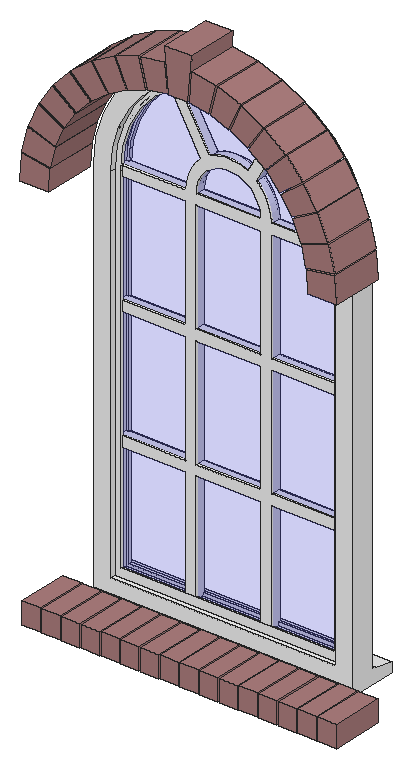
Revit family
Parameters
  Wrap Layers (Ext) from Ext = 102.5 mm
  Wrap Layers (Int) from Ext = 177.5 mm
  Window Board Projection = 25.0 mm
  Window Board Extension = 25.0 mm
  Vis - Cavity Closers = yes
  Rough Width = Width  # 910.0 mm
  Rough Height = Height  # 1350.0 mm
  Operation = "UserDefined"
  Material Trim = Window Frame
  Material Glass = Glass
  Material Frame = Window Frame
  Manufacturer = "Revit"
  Keynote = "L10"
  Height = 1350.0 mm
  Wall Closure = (empty or 0)
  Width = 910.0 mm
  Glazing Thickness = 24.0 mm
  FrameOffset - External = 68.0 mm
  Frame Depth = 45.0 mm
  Default Head Height = 2110.0 mm
  Cill Depth = 87.5 mm
  Cavity Closer Width = 50.0 mm
  Cavity Closer Offset from Ext = 102.5 mm
  Cavity Closer Depth = 85.0 mm
Reference planes
  plane 1: y = 0
  plane 2 "Center (Left/Right)": x = -285
  plane 3 "Left": x = -740
  plane 4 "Right": x = 170
  plane 5 "Cill": z = 760
  plane 6 "Head": z = 2110
  plane 7 "Exterior": y = 158.457
  plane 8 "Interior": y = 8.457
  plane 9 "Back of Window": y = 45.457
  plane 10 "Wall Closure": y = 55.957
  plane 11 "Front Cill": y = 195.957
  plane 12 "Front Window Board": y = -16.543
  plane 13 "RHS Window Board": x = 195
  plane 14 "LHS Window Board": x = -765
  plane 15 "Ext Leaf Back": y = 55.957
  plane 16 "Face Window": y = 108.457
  plane 17 "Front of Window": y = 90.457
  plane 18 "C/L window": y = 45.457
  plane 19: z = 1435
  plane 20: y = 22.957
  plane 21: y = 67.957
  plane 22: x = -153.333
  plane 23: x = -416.667
  plane 24: z = 1685
  plane 25: z = 1260
  plane 26: z = 835
  plane 27: x = 110
  plane 28: x = -680
  plane 29: y = -19.043
Forms (mm)
  Extrusion 1, solid, material "Window Frame" <- "Material Trim", detail levels medium+fine
    sketch origin (0, 0, 760) x (0, -1, 0) y (-1, 0, 0)
      loop
        line (-8.457, 765) -> (-8.457, 740) -> (-27.457, 740) -> (-27.457, -170) -> (-8.457, -170) -> (-8.457, -195) -> (17.932, -195) -> (17.932, 765) -> (-8.457, 765)
    from 0 to -25
  Extrusion 2, solid, material "Window Frame" <- "Material Frame"
    sketch origin (-285, 0, 0) x (0, 1, 0) y (0, 0, 1)
      loop
        line (27.457, 760) -> (195.957, 760) -> (195.957, 793.809) -> (123.457, 806.555) -> (123.457, 810.271) -> (108.457, 811) -> (108.457, 823) -> (45.457, 823) -> (45.457, 835) -> (27.457, 835) -> (27.457, 760)
    from 455 to -455
  Sweep 3, solid, material "Window Frame" <- "Material Frame"
    path origin (0, 45.457, 0) x (1, 0, 0) y (0, 0, 1)
      loop
        line (-740, 823) -> (-740, 2110)
        arc (-740, 2110) -> (-285, 2565) -> (170, 2110) r 455
        line (170, 2110) -> (170, 823)
    profile origin (0, 0, 1466.5) x (-1, 0, 0) y (0, -1, 0)
      loop
        line (740, -27.457) -> (680, -27.457) -> (680, -45.457) -> (700, -45.457) -> (700, -108.457) -> (740, -108.457) -> (740, -27.457)
  Sweep 4, solid, material "Window Frame" <- "Material Frame"
    path origin (0, 90.457, 0) x (1, 0, 0) y (0, 0, 1)
      loop
        arc (130, 2110) -> (-285, 2525) -> (-700, 2110) r 415
        line (-700, 2110) -> (-700, 823) -> (130, 823) -> (130, 2110)
    profile origin (-700, 90.457, 1466.5) x (-1, 0, 0) y (0, -1, 0)
      loop
        line (0, 0) -> (0, 45) -> (-40, 45) -> (-40, 34.5) -> (-30, 34.5) -> (-30, 10.5) -> (-40, 10.5) -> (-40, 0) -> (0, 0)
  Extrusion 5, solid, material "Window Frame" <- "Material Frame"
    sketch origin (-285, 79.957, 2110) x (0, 0, 1) y (-1, 0, 0)
      loop
        line (-1257, -149.667) -> (-868, -149.667) -> (-868, -385) -> (-832, -385) -> (-832, -149.667) -> (-443, -149.667) -> (-443, -385) -> (-407, -385) -> (-407, -149.667) -> (-18, -149.667) -> (-18, -384.98) -> (0, -384.98)
        arc (0, -384.98) -> (9.002, -384.875) -> (18, -384.559) r 384.98
        line (18, -384.559) -> (18, -149.971)
        arc (18, -149.971) -> (167.971, 0) -> (18, 149.971) r 149.971
        line (18, 149.971) -> (18, 384.579)
        arc (18, 384.579) -> (9.002, 384.895) -> (0, 385) r 385
        line (0, 385) -> (-18, 385) -> (-18, 149.667) -> (-407, 149.667) -> (-407, 385) -> (-443, 385) -> (-443, 149.667) -> (-832, 149.667) -> (-832, 385) -> (-868, 385) -> (-868, 149.667) -> (-1257, 149.667) -> (-1257, 113.667) -> (-868, 113.667) -> (-868, -113.667) -> (-1257, -113.667) -> (-1257, -149.667)
      loop
        line (-18, 113.667) -> (-407, 113.667) -> (-407, -113.667) -> (-18, -113.667) -> (-18, 113.667)
      loop
        line (-443, 113.667) -> (-832, 113.667) -> (-832, -113.667) -> (-443, -113.667) -> (-443, 113.667)
      loop
        line (18, 113.362) -> (18, -113.362)
        arc (18, -113.362) -> (131.362, 0) -> (18, 113.362) r 113.362
    from -5.25 to 29.25
  Extrusion 6, solid, material "Glass" <- "Material Glass"
    sketch origin (-285, 79.957, 2110) x (0, 0, 1) y (-1, 0, 0)
      loop
        line (-868, -149.667) -> (-1257, -149.667) -> (-1257, -385) -> (-868, -385) -> (-868, -149.667)
      loop
        line (-1257, -113.667) -> (-868, -113.667) -> (-868, 113.667) -> (-1257, 113.667) -> (-1257, -113.667)
      loop
        line (-868, 149.667) -> (-868, 385) -> (-1257, 385) -> (-1257, 149.667) -> (-868, 149.667)
      loop
        line (-832, -385) -> (-443, -385) -> (-443, -149.667) -> (-832, -149.667) -> (-832, -385)
      loop
        line (-832, -113.667) -> (-443, -113.667) -> (-443, 113.667) -> (-832, 113.667) -> (-832, -113.667)
      loop
        line (-443, 149.667) -> (-443, 385) -> (-832, 385) -> (-832, 149.667) -> (-443, 149.667)
      loop
        line (-407, -385) -> (-18, -385) -> (-18, -149.667) -> (-407, -149.667) -> (-407, -385)
      loop
        line (-18, -113.667) -> (-18, 113.667) -> (-407, 113.667) -> (-407, -113.667) -> (-18, -113.667)
      loop
        line (-407, 149.667) -> (-18, 149.667) -> (-18, 385) -> (-407, 385) -> (-407, 149.667)
      loop
        line (18, 113.362) -> (18, -113.362)
        arc (18, -113.362) -> (131.362, 0) -> (18, 113.362) r 113.362
    from 0 to 24 <- "Glazing Thickness"
  Extrusion 7, solid, material "Window Frame" <- "Material Frame"
    sketch origin (0, 90.457, 0) x (1, 0, 0) y (0, 0, 1)
      loop
        line (-187.857, 2242.256) -> (-77.122, 2434.055)
        arc (-77.122, 2434.055) -> (-92.5, 2443.42) -> (-108.299, 2452.055) r 385
        line (-108.299, 2452.055) -> (-217.944, 2262.144)
        arc (-217.944, 2262.144) -> (-202.301, 2253.108) -> (-187.857, 2242.256) r 149.971
      loop
        line (-352.056, 2262.144) -> (-461.701, 2452.055)
        arc (-461.701, 2452.055) -> (-477.5, 2443.42) -> (-492.878, 2434.055) r 385
        line (-492.878, 2434.055) -> (-382.143, 2242.256)
        arc (-382.143, 2242.256) -> (-367.699, 2253.108) -> (-352.056, 2262.144) r 149.971
    from 5.25 to 39.75
  Extrusion 8, solid, material "Glass" <- "Material Glass"
    sketch origin (-285, 79.957, 2110) x (0, 0, 1) y (-1, 0, 0)
      loop
        line (18, -149.971) -> (18, -384.694)
        arc (18, -384.694) -> (192.558, -333.519) -> (324.155, -207.936) r 385.115
        line (324.155, -207.936) -> (132.256, -97.143)
        arc (132.256, -97.143) -> (80.939, -136.125) -> (18, -149.971) r 149.971
      loop
        arc (342.055, -176.701) -> (385, 0) -> (342.055, 176.701) r 385
        line (342.055, 176.701) -> (152.144, 67.056)
        arc (152.144, 67.056) -> (167.971, 0) -> (152.144, -67.056) r 149.971
        line (152.144, -67.056) -> (342.055, -176.701)
      loop
        arc (324.055, 207.878) -> (192.5, 333.42) -> (18, 384.579) r 385
        line (18, 384.579) -> (18, 149.971)
        arc (18, 149.971) -> (80.939, 136.125) -> (132.256, 97.143) r 149.971
        line (132.256, 97.143) -> (324.055, 207.878)
    from 0 to 24
  Extrusion 9, solid, material "brickTexture"
    sketch origin (-285, 79.957, 2110) x (0, 0, 1) y (-1, 0, 0)
      loop
        line (0, -555.332) -> (89.951, -547.998) -> (73.7, -448.992) -> (0, -455) -> (0, -555.332)
      loop
        line (0, 455) -> (73.7, 448.992) -> (89.951, 547.998) -> (0, 555.332) -> (0, 455)
      loop
        line (416.919, -182.218) -> (383.916, -244.251) -> (468.024, -299.068) -> (508.821, -222.384) -> (416.919, -182.218)
      loop
        line (440.806, -112.76) -> (418.922, -177.636) -> (510.898, -217.835) -> (537.959, -137.613) -> (440.806, -112.76)
      loop
        line (453.37, -38.475) -> (442.045, -107.916) -> (539.309, -132.797) -> (553.308, -46.956) -> (453.37, -38.475)
      loop
        line (381.186, -248.44) -> (338.178, -304.749) -> (409.52, -376.092) -> (465.197, -303.194) -> (381.186, -248.44)
      loop
        line (334.642, -308.285) -> (282.806, -356.47) -> (344.337, -435.804) -> (405.4, -379.043) -> (334.642, -308.285)
      loop
        line (278.855, -359.534) -> (221.564, -397.441) -> (269.475, -485.648) -> (340.315, -438.777) -> (278.855, -359.534)
      loop
        line (217.171, -399.827) -> (151.332, -429.125) -> (183.684, -524.183) -> (265.049, -487.976) -> (217.171, -399.827)
      loop
        line (146.65, -430.886) -> (78.634, -448.182) -> (94.892, -547.23) -> (178.97, -525.85) -> (146.65, -430.886)
      loop
        line (453.793, -33.493) -> (603.793, -46.222) -> (603.793, 46.222) -> (453.793, 33.493) -> (453.793, -33.493)
      loop
        line (416.919, 182.218) -> (508.821, 222.384) -> (468.024, 299.068) -> (383.916, 244.251) -> (416.919, 182.218)
      loop
        line (440.806, 112.76) -> (537.959, 137.613) -> (510.898, 217.835) -> (418.922, 177.636) -> (440.806, 112.76)
      loop
        line (453.37, 38.475) -> (553.308, 46.956) -> (539.309, 132.797) -> (442.045, 107.916) -> (453.37, 38.475)
      loop
        line (381.186, 248.44) -> (465.197, 303.194) -> (409.52, 376.092) -> (338.178, 304.749) -> (381.186, 248.44)
      loop
        line (334.642, 308.285) -> (405.4, 379.043) -> (344.337, 435.804) -> (282.806, 356.47) -> (334.642, 308.285)
      loop
        line (278.855, 359.534) -> (340.315, 438.777) -> (269.475, 485.648) -> (221.564, 397.441) -> (278.855, 359.534)
      loop
        line (217.171, 399.827) -> (265.049, 487.976) -> (183.684, 524.183) -> (151.332, 429.125) -> (217.171, 399.827)
      loop
        line (146.65, 430.886) -> (178.97, 525.85) -> (94.892, 547.23) -> (78.634, 448.182) -> (146.65, 430.886)
      loop
        line (-1316.191, -555.332) -> (-1316.191, -489.31) -> (-1391.191, -489.31) -> (-1391.191, -555.332) -> (-1316.191, -555.332)
      loop
        line (-1316.191, 549.022) -> (-1391.191, 549.022) -> (-1391.191, 482.978) -> (-1316.191, 482.978) -> (-1316.191, 549.022)
      loop
        line (-1316.191, 412.978) -> (-1316.191, 477.978) -> (-1391.191, 477.978) -> (-1391.191, 412.978) -> (-1316.191, 412.978)
      loop
        line (-1316.191, 343.956) -> (-1316.191, 407.978) -> (-1391.191, 407.978) -> (-1391.191, 343.956) -> (-1316.191, 343.956)
      loop
        line (-1316.191, 274.934) -> (-1316.191, 338.956) -> (-1391.191, 338.956) -> (-1391.191, 274.934) -> (-1316.191, 274.934)
      loop
        line (-1316.191, 205.912) -> (-1316.191, 269.934) -> (-1391.191, 269.934) -> (-1391.191, 205.912) -> (-1316.191, 205.912)
      loop
        line (-1316.191, 136.889) -> (-1316.191, 200.912) -> (-1391.191, 200.912) -> (-1391.191, 136.889) -> (-1316.191, 136.889)
      loop
        line (-1316.191, 67.867) -> (-1316.191, 131.889) -> (-1391.191, 131.889) -> (-1391.191, 67.867) -> (-1316.191, 67.867)
      loop
        line (-1316.191, -1.155) -> (-1316.191, 62.867) -> (-1391.191, 62.867) -> (-1391.191, -1.155) -> (-1316.191, -1.155)
      loop
        line (-1316.191, -70.177) -> (-1316.191, -6.155) -> (-1391.191, -6.155) -> (-1391.191, -70.177) -> (-1316.191, -70.177)
      loop
        line (-1316.191, -139.199) -> (-1316.191, -75.177) -> (-1391.191, -75.177) -> (-1391.191, -139.199) -> (-1316.191, -139.199)
      loop
        line (-1316.191, -208.221) -> (-1316.191, -144.199) -> (-1391.191, -144.199) -> (-1391.191, -208.221) -> (-1316.191, -208.221)
      loop
        line (-1316.191, -277.243) -> (-1316.191, -213.221) -> (-1391.191, -213.221) -> (-1391.191, -277.243) -> (-1316.191, -277.243)
      loop
        line (-1316.191, -346.265) -> (-1316.191, -282.243) -> (-1391.191, -282.243) -> (-1391.191, -346.265) -> (-1316.191, -346.265)
      loop
        line (-1316.191, -415.288) -> (-1316.191, -351.265) -> (-1391.191, -351.265) -> (-1391.191, -415.288) -> (-1316.191, -415.288)
      loop
        line (-1316.191, -484.31) -> (-1316.191, -420.288) -> (-1391.191, -420.288) -> (-1391.191, -484.31) -> (-1316.191, -484.31)
    from 70 to 250
Cuts and joins
  joined: Extrusion 2, Sweep 3
  joined: Extrusion 5, Extrusion 7
Lines and regions (mm)
  Opening 1
    outline origin (-5000, -141.543, 0) x (1, 0, 0) y (0, 0, 1)
      loop
        line (5170.025, 760) -> (5170.025, 2110) -> (5172.515, 2110)
        arc (5172.515, 2110) -> (4715.438, 2568.459) -> (4258.361, 2110) r 457.079
        line (4258.361, 2110) -> (4260.234, 2110) -> (4260.234, 760) -> (5170.025, 760)
  Masking region 1
    outline origin (0, 0, 760) x (0, -1, 0) y (1, 0, 0)
      loop
        line (-27.457, -740) -> (-27.457, 170) -> (-195.957, 170) -> (-195.957, -740) -> (-27.457, -740)
  symbolic lines, style "Windows"
    curve 1: line (-740, 27.457, 0) -> (170, 27.457, 0)
    curve 2: line (-740, 108.457, 0) -> (-740, 27.457, 0)
    curve 3: line (170, 108.457, 0) -> (-740, 108.457, 0)
    curve 4: line (170, 27.457, 0) -> (170, 108.457, 0)
    curve 5: line (-680, 27.457, 0) -> (-680, 108.457, 0)
    curve 6: line (110, 27.457, 0) -> (110, 108.457, 0)
    curve 7: line (-680, 67.957, 0) -> (110, 67.957, 0)
  symbolic lines, style "Cavity Closer", visible <- "Vis - Cavity Closers", detail levels medium+fine
    curve 8: line (-740, 55.957, 0) -> (-790, 55.957, 0)
    curve 9: line (-740, -29.043, 0) -> (-740, 55.957, 0)
    curve 10: line (-790, -29.043, 0) -> (-740, -29.043, 0)
    curve 11: line (-790, 55.957, 0) -> (-790, -29.043, 0)
    curve 12: line (-740, -29.043, 0) -> (-790, 55.957, 0)
    curve 13: line (-790, -29.043, 0) -> (-740, 55.957, 0)
    curve 14: line (170, 55.957, 0) -> (220, 55.957, 0)
    curve 15: line (170, -29.043, 0) -> (170, 55.957, 0)
    curve 16: line (220, -29.043, 0) -> (170, -29.043, 0)
    curve 17: line (220, 55.957, 0) -> (220, -29.043, 0)
    curve 18: line (170, -29.043, 0) -> (220, 55.957, 0)
    curve 19: line (220, -29.043, 0) -> (170, 55.957, 0)
  symbolic lines, style "WindowsSillHeadProjection"
    curve 20: line (170, 195.957, 0) -> (-740, 195.957, 0)
    curve 21: line (-740, 195.957, 0) -> (-740, 158.457, 0)
    curve 22: line (170, 158.457, 0) -> (170, 195.957, 0)
  symbolic lines, style "InvisibleLines"
    curve 23: arc (-416.667, 0, 2128) -> (-285, 0, 2259.667) -> (-153.333, 0, 2128) r 131.667
    curve 24: line (-285, 0, 2110) -> (-100, 0, 2430.429)
    curve 25: line (-285, 0, 2110) -> (-465, 0, 2421.769)
Text (mm)
  text "EXTERIOR" at (-1415.209, 454.062, 0), in view "Ref. Level"
  text "INTERIOR" at (-1415.209, -367.981, 0), in view "Ref. Level"
  text "Exterior" at (0, 923.751, 2943.296), in view "Right"
  text "Exterior" at (0, 1040.484, 2685.409), in view "Left"
Dimensions and locks
  equal spacing: plane 3 "Left", plane 2 "Center (Left/Right)", plane 4 "Right"
  "Width": plane 3 "Left" to plane 4 "Right"
  "Height": plane 5 "Cill" to plane 6 "Head"
  "Default Head Height": plane 6 "Head" to level
  locked: plane 7 "Exterior" to host wall at 0
  host wall to plane 8 "Interior" = 150.0 mm
  "Window Board Projection": plane 12 "Front Window Board" to plane 8 "Interior"
  "Window Board Extension": plane 14 "LHS Window Board" to plane 3 "Left"
  "Window Board Extension": plane 4 "Right" to plane 13 "RHS Window Board"
  "Cavity Closer Offset from Ext": plane 15 "Ext Leaf Back" to plane 7 "Exterior"
  Extrusion 2 sketch curve to Extrusion 2 sketch curve = 12.0 mm
  equal spacing: curve 3, curve 7, curve 1
  "Cavity Closer Depth": curve 8 to curve 10
  "Cavity Closer Width": curve 11 to plane 3 "Left"
  "Cavity Closer Depth": curve 14 to curve 16
  "Cavity Closer Width": plane 4 "Right" to curve 17
  "Cill Depth": plane 16 "Face Window" to plane 11 "Front Cill"
  "Frame Depth": plane 9 "Back of Window" to plane 17 "Front of Window"
  equal spacing: plane 5 "Cill", plane 19, plane 6 "Head"
  locked: Extrusion 2 sketch curve to plane 9 "Back of Window" at 18
  locked: plane 17 "Front of Window" to Sweep 3 sketch curve at 18
  "FrameOffset - External": plane 17 "Front of Window" to plane 7 "Exterior"
  locked: plane 17 "Front of Window" to Extrusion 2 sketch curve at 18
  locked: Extrusion 2 sketch curve to Extrusion 2 sketch curve at 15
  "Cill Depth": Extrusion 2 sketch curve to Extrusion 2 sketch curve
  "Glazing Thickness": Sweep 4 sketch curve to Sweep 4 sketch curve
  Sweep 4 sketch curve to plane 17 "Front of Window" = 10.5 mm
  Sweep 4 sketch curve to Sweep 4 sketch curve = 10.0 mm
  locked: plane 5 "Cill" to plane 26 at 75
  equal spacing: plane 26, plane 25, plane 24, plane 6 "Head"
  locked: plane 27 to plane 4 "Right" at 60
  locked: plane 28 to plane 3 "Left" at 60
  equal spacing: plane 27, plane 22, plane 23, plane 28
  equal spacing: Extrusion 5 sketch curve, plane 22, Extrusion 5 sketch curve
  equal spacing: Extrusion 5 sketch curve, plane 23, Extrusion 5 sketch curve
  locked: Extrusion 5 sketch curve to Extrusion 5 sketch curve at 36  (x5)
  equal spacing: Extrusion 5 sketch curve, plane 25, Extrusion 5 sketch curve
  equal spacing: Extrusion 5 sketch curve, plane 24, Extrusion 5 sketch curve
  equal spacing: Extrusion 5 sketch curve, plane 6 "Head", Extrusion 5 sketch curve
  equal spacing: Extrusion 7 sketch curve, curve 24, Extrusion 7 sketch curve
  equal spacing: Extrusion 7 sketch curve, curve 25, Extrusion 7 sketch curve
  Extrusion 7 sketch curve to Extrusion 7 sketch curve = 36.0 mm  (x2)
  "Wrap Layers (Ext) from Ext": plane 10 "Wall Closure" to plane 7 "Exterior"
  "Wrap Layers (Int) from Ext": plane 29 to plane 7 "Exterior"
  locked: curve 24 to plane 6 "Head" (angle 60.00°)
  locked: plane 6 "Head" to curve 25 (angle 60.00°)
  aligned and locked: plane 3 "Left" to Extrusion 1 sketch curve
  aligned and locked: Extrusion 1 sketch curve to plane 8 "Interior"  (x2)
  aligned and locked: plane 13 "RHS Window Board" to Extrusion 1 sketch curve
  aligned and locked: Extrusion 1 sketch curve to plane 14 "LHS Window Board"
  aligned and locked: Extrusion 2 sketch curve to plane 5 "Cill"
  aligned and locked: plane 3 "Left" to Extrusion 2
  aligned and locked: Extrusion 2 to plane 4 "Right"
  aligned and locked: curve 5 to Sweep 3
  aligned and locked: curve 6 to Sweep 3
  aligned and locked: plane 3 "Left" to nested 1
  aligned and locked: curve 9 to plane 3 "Left"
  aligned and locked: plane 4 "Right" to nested 2
  aligned and locked: curve 15 to plane 4 "Right"
  aligned and locked: Sweep 3 sketch curve to plane 9 "Back of Window"
  aligned and locked: plane 9 "Back of Window" to Extrusion 2 sketch curve
  aligned and locked: curve 20 to cut or joined group of Extrusion 2, Sweep 3
  aligned and locked: curve 21 to cut or joined group of Extrusion 2, Sweep 3
  aligned and locked: cut or joined group of Extrusion 2, Sweep 3 to curve 22
  aligned and locked: host wall to curve 22
  aligned and locked: Sweep 4 sketch curve to cut or joined group of Extrusion 2, Sweep 3  (x3)
  aligned and locked: Sweep 4 sketch curve to Sweep 4 sketch curve
  aligned and locked: Sweep 4 to Extrusion 5 sketch curve
  aligned and locked: Extrusion 5 sketch curve to Extrusion 5 sketch curve  (x20)
  aligned and locked: curve 1 to cut or joined group of Extrusion 2, Sweep 3
  aligned and locked: curve 3 to cut or joined group of Extrusion 2, Sweep 3
  aligned and locked: Extrusion 7 sketch curve to Extrusion 5  (x2)
  aligned and locked: Extrusion 5 to Extrusion 7  (x2)
  aligned and locked: Extrusion 6 sketch curve to cut or joined group of Extrusion 5, Extrusion 7  (x2)
  aligned and locked: Extrusion 8 sketch curve to cut or joined group of Extrusion 5, Extrusion 7  (x7)
  aligned and locked: cut or joined group of Extrusion 5, Extrusion 7 to Extrusion 8 sketch curve  (x2)
  aligned and locked: plane 15 "Ext Leaf Back" to nested 2
  aligned and locked: curve 14 to plane 15 "Ext Leaf Back"
  aligned and locked: nested 1 to plane 15 "Ext Leaf Back"
  aligned and locked: plane 15 "Ext Leaf Back" to curve 8
  aligned and locked: Masking region 1 sketch curve to Extrusion 1  (x2)
  aligned and locked: cut or joined group of Extrusion 2, Sweep 3 to Masking region 1 sketch curve
  aligned and locked: Masking region 1 sketch curve to cut or joined group of Extrusion 2, Sweep 3
  aligned and locked: plane 11 "Front Cill" to cut or joined group of Extrusion 2, Sweep 3
  aligned and locked: Extrusion 8 sketch curve to Sweep 4
  aligned and locked: Extrusion 7 sketch curve to Sweep 4  (x2)
Automatic sketch dimensions
  Extrusion 1 sketch curve to plane 4 "Right" = 0.0 mm
  plane 9 "Back of Window" to Extrusion 1 sketch curve = 18.0 mm
  plane 12 "Front Window Board" to Extrusion 1 sketch curve = 1.389 mm
  Sweep 3 sketch curve to profile plane = 0.0 mm
  profile plane to Sweep 3 sketch curve = 40.0 mm
  plane 9 "Back of Window" to Sweep 3 sketch curve = 18.0 mm
  Extrusion 2 sketch curve to plane 5 "Cill" = 33.809 mm
  Extrusion 2 sketch curve to plane 5 "Cill" = 46.555 mm
  Extrusion 2 sketch curve to Extrusion 2 sketch curve = 3.716 mm
  Extrusion 2 sketch curve to Extrusion 2 sketch curve = 0.729 mm
  Extrusion 2 sketch curve to Extrusion 2 sketch curve = 12.0 mm
  Sweep 3 sketch curve to plane 3 "Left" = 0.0 mm
  Sweep 3 sketch curve to plane 4 "Right" = 0.0 mm
  Sweep 3 sketch curve to plane 6 "Head" = 0.0 mm
  Sweep 3 sketch curve to plane 5 "Cill" = 63.0 mm  (x2)
  curve 3 to plane 3 "Left" = 0.0 mm
  curve 4 to plane 4 "Right" = 0.0 mm
  curve 21 to host wall = 0.0 mm
  Sweep 3 sketch curve to Sweep 3 sketch curve = 20.0 mm
  Sweep 4 sketch curve to profile plane = 0.0 mm
  Sweep 4 sketch curve to plane 17 "Front of Window" = 0.0 mm
  profile plane to Sweep 4 sketch curve = 30.0 mm
  Sweep 4 sketch curve to Sweep 4 sketch curve = 10.5 mm
  plane 6 "Head" to Extrusion 6 sketch curve = 18.0 mm  (x3)
  Extrusion 6 sketch curve to plane 24 = 18.0 mm  (x3)
  plane 24 to Extrusion 6 sketch curve = 18.0 mm  (x3)
  Extrusion 6 sketch curve to plane 25 = 18.0 mm  (x3)
  plane 25 to Extrusion 6 sketch curve = 18.0 mm  (x3)
  Extrusion 6 sketch curve to plane 26 = 18.0 mm  (x3)
  Extrusion 6 sketch curve to plane 27 = 10.0 mm  (x3)
  Extrusion 6 sketch curve to plane 22 = 18.0 mm  (x3)
  plane 22 to Extrusion 6 sketch curve = 18.0 mm  (x3)
  Extrusion 6 sketch curve to plane 23 = 18.0 mm  (x3)
  plane 23 to Extrusion 6 sketch curve = 18.0 mm  (x3)
  plane 28 to Extrusion 6 sketch curve = 10.0 mm  (x3)
  curve 23 to plane 23 = 0.0 mm
  curve 23 to plane 2 "Center (Left/Right)" = 0.0 mm
  curve 25 to plane 2 "Center (Left/Right)" = 0.0 mm
  curve 23 to plane 6 "Head" = 18.0 mm
  Extrusion 5 sketch curve to Extrusion 5 sketch curve = 0.0 mm  (x5)
  Extrusion 5 sketch curve to plane 2 "Center (Left/Right)" = 0.0 mm  (x2)
  Extrusion 5 sketch curve to plane 26 = 18.0 mm  (x2)
  Extrusion 5 sketch curve to plane 22 = 18.304 mm
  Extrusion 5 sketch curve to plane 27 = 10.441 mm
  Extrusion 5 sketch curve to plane 27 = 10.0 mm  (x2)
  plane 22 to Extrusion 5 sketch curve = 18.304 mm
  plane 28 to Extrusion 5 sketch curve = 10.0 mm  (x2)
  curve 24 to plane 6 "Head" = 0.0 mm
  Extrusion 5 sketch curve to plane 6 "Head" = 0.0 mm
  Extrusion 8 sketch curve to Extrusion 8 sketch curve = 0.0 mm  (x4)
  Extrusion 8 sketch curve to Extrusion 8 sketch curve = 18.0 mm
  Extrusion 8 sketch curve to plane 27 = 10.306 mm
  Extrusion 9 sketch curve to plane 4 "Right" = 0.0 mm
  Extrusion 9 sketch curve to plane 6 "Head" = 0.0 mm  (x2)
  Extrusion 9 sketch curve to plane 3 "Left" = 0.0 mm
  Extrusion 9 sketch curve to plane 5 "Cill" = 33.809 mm  (x13)
  Extrusion 9 sketch curve to Extrusion 9 sketch curve = 0.0 mm  (x10)
  plane 23 to Extrusion 9 sketch curve = 5.223 mm
  plane 2 "Center (Left/Right)" to Extrusion 9 sketch curve = 1.155 mm
  Extrusion 9 sketch curve to plane 22 = 7.532 mm
  Extrusion 9 sketch curve to plane 28 = 17.978 mm
  plane 5 "Cill" to Extrusion 9 sketch curve = 41.191 mm  (x9)
  Extrusion 9 sketch curve to plane 22 = 12.532 mm
  plane 2 "Center (Left/Right)" to Extrusion 9 sketch curve = 6.155 mm
  plane 23 to Extrusion 9 sketch curve = 0.223 mm
  plane 4 "Right" to Extrusion 9 sketch curve = 6.008 mm
  Extrusion 9 sketch curve to plane 6 "Head" = 73.7 mm  (x2)
  Extrusion 9 sketch curve to plane 3 "Left" = 6.008 mm
  Extrusion 9 sketch curve to plane 3 "Left" = 6.818 mm
  Extrusion 9 sketch curve to Extrusion 9 sketch curve = 4.934 mm  (x2)
  plane 4 "Right" to Extrusion 9 sketch curve = 6.818 mm
  Extrusion 9 sketch curve to plane 6 "Head" = 89.951 mm  (x2)
  Extrusion 9 sketch curve to Extrusion 9 sketch curve = 4.941 mm  (x2)
  plane 4 "Right" to Extrusion 9 sketch curve = 24.114 mm
  Extrusion 9 sketch curve to Extrusion 9 sketch curve = 68.016 mm  (x2)
  Extrusion 9 sketch curve to plane 3 "Left" = 24.114 mm
  Extrusion 9 sketch curve to plane 3 "Left" = 25.875 mm
  Extrusion 9 sketch curve to Extrusion 9 sketch curve = 4.683 mm  (x2)
  plane 4 "Right" to Extrusion 9 sketch curve = 25.875 mm
  plane 14 "LHS Window Board" to Extrusion 9 sketch curve = 45.85 mm
  Extrusion 9 sketch curve to Extrusion 9 sketch curve = 84.078 mm  (x2)
  Extrusion 9 sketch curve to plane 13 "RHS Window Board" = 45.85 mm
  plane 14 "LHS Window Board" to Extrusion 9 sketch curve = 44.183 mm
  Extrusion 9 sketch curve to Extrusion 9 sketch curve = 4.714 mm  (x2)
  Extrusion 9 sketch curve to plane 13 "RHS Window Board" = 44.183 mm
  plane 27 to Extrusion 9 sketch curve = 4.827 mm
  Extrusion 9 sketch curve to Extrusion 9 sketch curve = 65.838 mm  (x2)
  Extrusion 9 sketch curve to plane 28 = 4.827 mm
  plane 27 to Extrusion 9 sketch curve = 2.441 mm
  Extrusion 9 sketch curve to Extrusion 9 sketch curve = 4.394 mm  (x2)
  Extrusion 9 sketch curve to plane 28 = 2.441 mm
  plane 14 "LHS Window Board" to Extrusion 9 sketch curve = 7.976 mm
  Extrusion 9 sketch curve to Extrusion 9 sketch curve = 81.365 mm  (x2)
  Extrusion 9 sketch curve to plane 13 "RHS Window Board" = 7.976 mm
  Extrusion 9 sketch curve to plane 13 "RHS Window Board" = 5.648 mm
  Extrusion 9 sketch curve to Extrusion 9 sketch curve = 4.426 mm  (x2)
  plane 14 "LHS Window Board" to Extrusion 9 sketch curve = 5.648 mm
  Extrusion 9 sketch curve to plane 27 = 35.466 mm
  Extrusion 9 sketch curve to Extrusion 9 sketch curve = 57.291 mm  (x2)
  plane 28 to Extrusion 9 sketch curve = 35.466 mm
  plane 28 to Extrusion 9 sketch curve = 38.53 mm
  Extrusion 9 sketch curve to Extrusion 9 sketch curve = 3.951 mm  (x2)
  Extrusion 9 sketch curve to plane 27 = 38.53 mm
  plane 28 to Extrusion 9 sketch curve = 86.715 mm
  Extrusion 9 sketch curve to Extrusion 9 sketch curve = 51.836 mm  (x2)
  Extrusion 9 sketch curve to plane 27 = 86.715 mm
  Extrusion 9 sketch curve to plane 27 = 90.251 mm
  Extrusion 9 sketch curve to Extrusion 9 sketch curve = 3.536 mm  (x2)
  plane 28 to Extrusion 9 sketch curve = 90.251 mm
  Extrusion 9 sketch curve to plane 3 "Left" = 16.223 mm
  Extrusion 9 sketch curve to Extrusion 9 sketch curve = 70.84 mm  (x2)
  plane 4 "Right" to Extrusion 9 sketch curve = 16.223 mm
  plane 4 "Right" to Extrusion 9 sketch curve = 19.196 mm
  Extrusion 9 sketch curve to Extrusion 9 sketch curve = 4.022 mm  (x2)
  Extrusion 9 sketch curve to plane 3 "Left" = 19.196 mm
  plane 23 to Extrusion 9 sketch curve = 116.773 mm
  Extrusion 9 sketch curve to Extrusion 9 sketch curve = 43.008 mm  (x2)
  Extrusion 9 sketch curve to plane 22 = 116.773 mm
  Extrusion 9 sketch curve to plane 22 = 112.584 mm
  Extrusion 9 sketch curve to Extrusion 9 sketch curve = 2.73 mm  (x2)
  plane 23 to Extrusion 9 sketch curve = 112.584 mm
  Extrusion 9 sketch curve to plane 27 = 15.957 mm
  Extrusion 9 sketch curve to Extrusion 9 sketch curve = 61.062 mm  (x2)
  plane 28 to Extrusion 9 sketch curve = 15.957 mm
  plane 28 to Extrusion 9 sketch curve = 18.908 mm
  Extrusion 9 sketch curve to Extrusion 9 sketch curve = 4.12 mm  (x2)
  Extrusion 9 sketch curve to plane 27 = 18.908 mm
  Extrusion 9 sketch curve to plane 22 = 50.551 mm
  Extrusion 9 sketch curve to Extrusion 9 sketch curve = 33.003 mm  (x2)
  plane 23 to Extrusion 9 sketch curve = 50.551 mm
  plane 23 to Extrusion 9 sketch curve = 45.97 mm
  Extrusion 9 sketch curve to Extrusion 9 sketch curve = 2.002 mm  (x2)
  Extrusion 9 sketch curve to plane 22 = 45.97 mm
  Extrusion 9 sketch curve to plane 23 = 18.906 mm
  Extrusion 9 sketch curve to Extrusion 9 sketch curve = 21.885 mm  (x2)
  plane 22 to Extrusion 9 sketch curve = 18.906 mm
  Extrusion 9 sketch curve to plane 23 = 23.75 mm
  Extrusion 9 sketch curve to Extrusion 9 sketch curve = 1.239 mm  (x2)
  plane 22 to Extrusion 9 sketch curve = 23.75 mm
  Extrusion 9 sketch curve to plane 2 "Center (Left/Right)" = 38.475 mm
  Extrusion 9 sketch curve to Extrusion 9 sketch curve = 11.325 mm  (x2)
  plane 2 "Center (Left/Right)" to Extrusion 9 sketch curve = 38.475 mm
  plane 2 "Center (Left/Right)" to Extrusion 9 sketch curve = 33.493 mm
  Extrusion 9 sketch curve to Extrusion 9 sketch curve = 0.423 mm
  plane 28 to Extrusion 9 sketch curve = 91.806 mm
  Extrusion 9 sketch curve to Extrusion 9 sketch curve = 55.677 mm  (x2)
  Extrusion 9 sketch curve to plane 27 = 91.806 mm
  Extrusion 9 sketch curve to plane 27 = 95.932 mm
  Extrusion 9 sketch curve to Extrusion 9 sketch curve = 2.827 mm  (x2)
  plane 28 to Extrusion 9 sketch curve = 95.932 mm
  plane 23 to Extrusion 9 sketch curve = 90.718 mm
  Extrusion 9 sketch curve to Extrusion 9 sketch curve = 40.798 mm  (x2)
  Extrusion 9 sketch curve to plane 22 = 90.718 mm
  plane 23 to Extrusion 9 sketch curve = 86.169 mm
  Extrusion 9 sketch curve to Extrusion 9 sketch curve = 2.076 mm  (x2)
  Extrusion 9 sketch curve to plane 22 = 86.169 mm
  Extrusion 9 sketch curve to plane 22 = 5.946 mm
  Extrusion 9 sketch curve to Extrusion 9 sketch curve = 27.061 mm  (x2)
  plane 23 to Extrusion 9 sketch curve = 5.946 mm
  plane 23 to Extrusion 9 sketch curve = 1.13 mm
  Extrusion 9 sketch curve to Extrusion 9 sketch curve = 1.35 mm  (x2)
  Extrusion 9 sketch curve to plane 22 = 1.13 mm
  plane 2 "Center (Left/Right)" to Extrusion 9 sketch curve = 46.956 mm
  Extrusion 9 sketch curve to Extrusion 9 sketch curve = 14.0 mm  (x2)
  Extrusion 9 sketch curve to plane 2 "Center (Left/Right)" = 46.956 mm
  Extrusion 9 sketch curve to Extrusion 9 sketch curve = 50.485 mm
  Extrusion 9 sketch curve to plane 13 "RHS Window Board" = 67.23 mm
  Extrusion 9 sketch curve to Extrusion 9 sketch curve = 0.769 mm  (x2)
  Extrusion 9 sketch curve to plane 13 "RHS Window Board" = 75.332 mm  (x2)
  Extrusion 9 sketch curve to plane 13 "RHS Window Board" = 9.31 mm
  Extrusion 9 sketch curve to plane 13 "RHS Window Board" = 4.31 mm
  plane 27 to Extrusion 9 sketch curve = 25.288 mm
  Extrusion 9 sketch curve to Extrusion 9 sketch curve = 5.0 mm  (x10)
  Extrusion 9 sketch curve to plane 27 = 43.735 mm
  Extrusion 9 sketch curve to Extrusion 9 sketch curve = 64.022 mm  (x4)
  plane 22 to Extrusion 9 sketch curve = 56.49 mm
  plane 2 "Center (Left/Right)" to Extrusion 9 sketch curve = 46.222 mm
  Extrusion 9 sketch curve to Extrusion 9 sketch curve = 4.982 mm
  Extrusion 9 sketch curve to plane 2 "Center (Left/Right)" = 46.222 mm
  Extrusion 9 sketch curve to plane 2 "Center (Left/Right)" = 62.867 mm
  plane 28 to Extrusion 9 sketch curve = 56.044 mm
  Extrusion 9 sketch curve to plane 14 "LHS Window Board" = 2.022 mm
  plane 14 "LHS Window Board" to Extrusion 9 sketch curve = 2.978 mm
  plane 14 "LHS Window Board" to Extrusion 9 sketch curve = 67.23 mm
  Extrusion 9 sketch curve to Extrusion 9 sketch curve = 66.044 mm
  plane 14 "LHS Window Board" to Extrusion 9 sketch curve = 75.332 mm
  Opening 1 sketch curve to plane 6 "Head" = 0.0 mm  (x2)
  Opening 1 sketch curve to plane 5 "Cill" = 0.0 mm
  plane 3 "Left" to Opening 1 sketch curve = 1.639 mm
  Opening 1 sketch curve to plane 3 "Left" = 0.234 mm
  plane 2 "Center (Left/Right)" to Opening 1 sketch curve = 0.438 mm
  Opening 1 sketch curve to plane 4 "Right" = 0.025 mm
  Opening 1 sketch curve to plane 6 "Head" = 1.38 mm
Nested families
  nested 1: "Cavity Closer" at (-790, 55.957, 0), visible <- "Vis - Cavity Closers", type "Cavity Closer", detail levels medium+fine
  nested 2: "Cavity Closer" at (220, 55.957, 0) x (-1, 0, 0) z (0, 0, 1), visible <- "Vis - Cavity Closers", type "Cavity Closer", detail levels medium+fine
Definition of nested family "Cavity Closer"
  Parameters
    Closer Width = 50.0 mm
    Closer Depth = 75.0 mm
  Reference planes
    plane 1 "Center (Front/Back)": y = 0
    plane 2: z = 0
    plane 3 "Center (Left/Right)": x = 0
    plane 4: x = 50, in view "Ref. Level"
    plane 5: y = -75, in view "Ref. Level"
  Lines and regions (mm)
    Masking region 1, in view "Ref. Level"
      outline origin (0, 0, 0) x (1, 0, 0) y (0, 1, 0)
        loop
          line (0, 0) -> (0, -75) -> (50, -75) -> (50, 0) -> (0, 0)
  Dimensions and locks
    "Closer Width": plane 3 "Center (Left/Right)" to plane 4
    "Closer Depth": plane 5 to plane 1 "Center (Front/Back)"
  Automatic sketch dimensions
    Masking region 1 sketch curve to plane 3 "Center (Left/Right)" = 0.0 mm
    Masking region 1 sketch curve to plane 4 = 0.0 mm
    Masking region 1 sketch curve to plane 5 = 0.0 mm
    Masking region 1 sketch curve to plane 1 "Center (Front/Back)" = 0.0 mm
